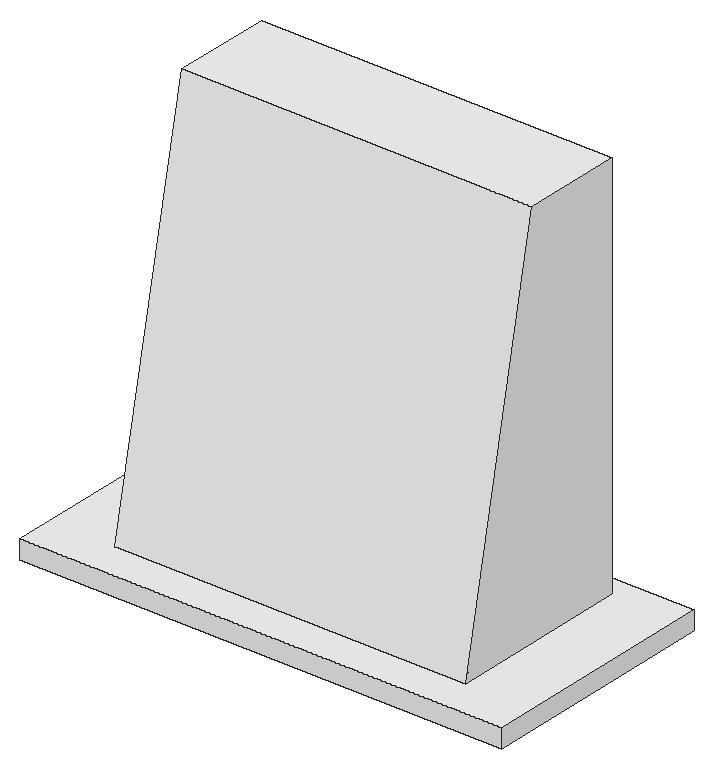
Revit family "NBS_DudleyIndustriesLimited_HandDryers_ModuloHandDryer", category Electrical Fixtures, Revit 2017
Family settings
  Maintain Annotation Orientation = No
  Round Connector Dimension = Use Diameter
  Part Type = Normal
  Work Plane-Based = No
  Always vertical = No
  Cut with Voids When Loaded = No
  Shared = No
  Room Calculation Point = No
Parameters (values of type "ModuloHandDryer")
  Weight = "6.5 kg"
  WarrantyStartDate [instance] = "1900-12-31T23:59:59"
  WarrantyGuarantorParts = "sales@dudleyindustries.com"
  WarrantyGuarantorLabor = "n/a"
  WarrantyDurationUnit = "year"
  WarrantyDurationParts = "n/a"
  WarrantyDurationLabor = "n/a"
  WarrantyDescription = "5 years"
  Version = "1"  # constant formula
  Uniclass2015Version = "Products v1.12"
  Uniclass2015Title = "Hand driers"
  Uniclass2015Code = "Pr_40_70_62_37"
  TagNumber [instance] = "n/a"
  SustainabilityPerformance = "n/a"
  Style = "Hand dryer"
  Status = "UNSET"
  Size = "388 x 330 x 193 mm"
  Shape = "n/a"
  SerialNumber [instance] = "n/a"
  SensorRange = "100 mm"
  Revision = "n/a"
  ReplacementCost = "n/a"
  Reference = "n/a"
  ProductInformation = "n/a"
  PackingCarton = "1 piece"
  Operation = "Automatic start/stop"
  NominalWidth = 0 mm
  NominalLength = 388 mm
  NominalHeight = 330 mm
  NominalDepth = 193 mm
  NoiseLevelAt1M = "71 dBA"
  Name = "HandDryers_ModuloHandDryer_DudleyIndustriesLimited"
  NBSReference = "45-35-72/334"
  NBSDescription = "Hand dryers"
  NBSCertification = "www.nationalbimlibrary.com/cert/weoy1555"
  ModelReference = "Modulo Hand Dryer"
  ModelNumber = "92372BK"
  Material = "Cover and back plate: CR1 CS2 steel, base plate: 1.4509 stainless steel"
  ManufacturerURL = "https://www.dudleyindustries.com/"
  ManufacturerName = "Dudley Industries Limited"  # constant formula
  Manufacturer = "tina.bowden@dudleyindustries.com"
  MainColor = "n/a"
  IsBuiltIn = yes
  InstallationDate [instance] = "1900-12-31T23:59:59"
  IfcExportType = "HANDDRYER"  # constant formula
  IfcExportAs = "IfcElectricApplianceType"  # constant formula
  HasBlankPlate [instance] = no
  HandDryerBodyMaterial = NBS_Concept
  Grade = "n/a"
  Form = "High performance warm air hand dryer"
  Finish = "Matte black powder coated"
  Features = "Fits the modulo behind the mirror system, provides a hygienic, comfortable and fast hand drying solution, produces no waste, no requirement to re-stock, quiet operation at just 71 dBA, simple to install, utilises a full modular cabinet space, blanking plates available separately if required"
  ExpectedLife = "5"
  ElectricalSupplyRatedOperationalVoltageUe = "230 V ac"
  ElectricalSupplyPowerRating = "1.7kW @230 volts"
  ElectricalSupplyFrequency = 0 mm
  DurationUnit = "year"
  Description = "Automatic, energy efficient hand dryer"
  Constituents = "n/a"
  Color = "Black"
  CodePerformance = "CE BS EN 60335-2-23:2003 + A1:2008 (Particular Requirements for Appliances for skin and hair Care) and BS EN60335-1:2002 + A2:2006 (incorporating A1,A11,A12, A13), (Safety of Household and similar electrical appliances), EN55014-1: 2006 + A1: 2009, EN55014-2: 1997 + A1: 2001 + A2:2008, EN61000-3-2: 2006, EN61000-3-3: 2008, RoHS, WEEE"
  Category = "Pr_40_70_62_37:Hand driers"
  BodyIngressProtection = "IP21"
  BarCode [instance] = "n/a"
  BIMObjectName = "NBS_DudleyIndustriesLimited_HandDryers_ModuloHandDryer"
  Author = "NBS"  # constant formula
  AssetType = "Fixed"
  AssetIdentifier [instance] = "n/a"
  AirVolume = "130 m³/h"
  AccessibilityPerformance = "n/a"
Reference planes
  plane 1 "Center (Front/Back)": y = 0
  plane 2 "Bottom": z = 0
  plane 3 "Center (Left/Right)": x = 0
  plane 4 "Left": x = -194
  plane 5 "Right": x = 194
  plane 6 "Back": y = 96.5
  plane 7 "Front": y = -96.5
  plane 8 "BottomPlate": z = 15
  plane 9 "LeftBody": x = -141.2
  plane 10 "RightBody": x = 141.2
  plane 11 "Top": z = 330
  plane 12: y = 80.666
  plane 13: y = 70.215
  plane 14: z = 95.303
  plane 15: z = 295.303
  plane 16 "FrontBody": through (0, 24.656, 445.385) normal (0, -0.9781, 0.2079)
  plane 17: y = 37.035
  plane 18: x = -84
  plane 19: x = 84
  plane 20: y = -29.048
  plane 21: y = 20.5
  plane 22: y = 21
Forms (mm)
  Extrusion 1, solid, material "NBS_Concept" <- "HandDryerBodyMaterial"
    sketch origin (0, 0, 0) x (0, 1, 0) y (0, 0, 1)
      loop
        line (80.666, 330) -> (0.13, 330) -> (-66.825, 15) -> (80.666, 15) -> (80.666, 330)
    from -141.2 to 141.2
  Sweep 2, solid, material "NBS_Concept" <- "HandDryerBodyMaterial", visible <- "HasBlankPlate", detail levels medium+fine
    path origin (0, 0, 0) x (1, 0, 0) y (0, 1, 0)
      loop
        line (-194, 96.5) -> (-194, -96.5) -> (194, -96.5) -> (194, 96.5) -> (-194, 96.5)
    profile origin (0, 96.5, 0) x (0, 1, 0) y (0, 0, 1)
      loop
        line (0, 15) -> (-15.834, 15) -> (-15.834, 0) -> (-1.011, 0)
        arc (-1.011, 0) -> (-0.487, 0.069) -> (0, 0.272) r 2.011
        line (0, 0.272) -> (0, 15)
  Extrusion 3, void
    sketch origin (0, 0, 0) x (1, 0, 0) y (0, 1, 0)
      loop
        arc (-81.477, 37.035) -> (-83.261, 36.296) -> (-84, 34.511) r 2.523
        line (-84, 34.511) -> (-84, -26.588)
        arc (-84, -26.588) -> (-83.28, -28.327) -> (-81.54, -29.048) r 2.46
        line (-81.54, -29.048) -> (81.45, -29.048)
        arc (81.45, -29.048) -> (83.253, -28.301) -> (84, -26.498) r 2.55
        line (84, -26.498) -> (84, 34.52)
        arc (84, 34.52) -> (83.263, 36.298) -> (81.485, 37.035) r 2.515
        line (81.485, 37.035) -> (-81.477, 37.035)
    from 0 to 41.998
  Extrusion 4, solid, material "NBS_Concept" <- "HandDryerBodyMaterial", visible <- "HasBlankPlate", detail levels medium+fine
    sketch origin (0, 0, 0) x (1, 0, 0) y (0, 1, 0)
      loop
        line (-178.166, 80.666) -> (-178.166, -80.666) -> (178.166, -80.666) -> (178.166, 80.666) -> (-178.166, 80.666)
    from 0 to 15
  Extrusion 5, solid, material "NBS_Concept" <- "HandDryerBodyMaterial"
    sketch origin (0, 0, 0) x (1, 0, 0) y (0, 1, 0)
      loop
        line (-194, 96.5) -> (-194, -96.5) -> (194, -96.5) -> (194, 96.5) -> (-194, 96.5)
    from 0 to 15
  Extrusion 6, solid, material "NBS_Concept" <- "HandDryerBodyMaterial", visible <- "HasBlankPlate"
    sketch origin (0, -96.5, 0) x (1, 0, 0) y (0, 0, 1)
      loop
        line (-194, 15) -> (-194, -0.482) -> (194, -0.482) -> (194, 15) -> (-194, 15)
    from -193 to 0
Cuts and joins
  Extrusion 3 cuts Extrusion 1
  Extrusion 3 cuts Extrusion 4
  joined: Sweep 2, Extrusion 4
  Extrusion 3 cuts Extrusion 5
Lines and regions (mm)
  reference lines
    curve 1: line (0, -37.681, 94.954) -> (0, 7.605, 308.006)
  model lines, detail levels medium+fine
    curve 2: line (-141.2, 68.16, 95.303) -> (-141.2, -34.608, 95.303)
    curve 3: line (-141.2, -36.55, 97.702) -> (-141.2, -36.33, 98.738)
    curve 4: line (-141.2, 70.215, 98.213) -> (-141.2, 70.215, 97.358)
    curve 5: line (-141.2, 68.125, 100.303) -> (-141.2, -34.397, 100.303)
    curve 6: arc (-141.2, 70.215, 97.358) -> (-141.2, 69.613, 95.905) -> (-141.2, 68.16, 95.303) r 2.055
    curve 7: arc (-141.2, 68.125, 100.303) -> (-141.2, 69.603, 99.691) -> (-141.2, 70.215, 98.213) r 2.09
    curve 8: arc (-141.2, -34.397, 100.303) -> (-141.2, -35.641, 99.863) -> (-141.2, -36.33, 98.738) r 1.976
    curve 9: arc (-141.2, -34.608, 95.303) -> (-141.2, -36.151, 96.039) -> (-141.2, -36.55, 97.702) r 1.986
    curve 10: line (-141.2, 68.16, 290.303) -> (-141.2, 6.294, 290.303)
    curve 11: line (-141.2, 4.352, 292.702) -> (-141.2, 4.572, 293.738)
    curve 12: line (-141.2, 70.215, 293.213) -> (-141.2, 70.215, 292.358)
    curve 13: line (-141.2, 68.125, 295.303) -> (-141.2, 6.504, 295.303)
    curve 14: arc (-141.2, 70.215, 292.358) -> (-141.2, 69.613, 290.905) -> (-141.2, 68.16, 290.303) r 2.055
    curve 15: arc (-141.2, 68.125, 295.303) -> (-141.2, 69.603, 294.691) -> (-141.2, 70.215, 293.213) r 2.09
    curve 16: arc (-141.2, 6.504, 295.303) -> (-141.2, 5.261, 294.863) -> (-141.2, 4.572, 293.738) r 1.976
    curve 17: arc (-141.2, 6.294, 290.303) -> (-141.2, 4.751, 291.039) -> (-141.2, 4.352, 292.702) r 1.986
    curve 18: line (-141.2, 68.16, 110.303) -> (-141.2, -31.961, 110.303)
    curve 19: line (-141.2, -33.903, 112.702) -> (-141.2, -33.683, 113.738)
    curve 20: line (-141.2, 70.215, 113.213) -> (-141.2, 70.215, 112.358)
    curve 21: line (-141.2, 68.125, 115.303) -> (-141.2, -31.751, 115.303)
    curve 22: arc (-141.2, 70.215, 112.358) -> (-141.2, 69.613, 110.905) -> (-141.2, 68.16, 110.303) r 2.055
    curve 23: arc (-141.2, 68.125, 115.303) -> (-141.2, 69.603, 114.691) -> (-141.2, 70.215, 113.213) r 2.09
    curve 24: arc (-141.2, -31.751, 115.303) -> (-141.2, -32.994, 114.863) -> (-141.2, -33.683, 113.738) r 1.976
    curve 25: arc (-141.2, -31.961, 110.303) -> (-141.2, -33.504, 111.039) -> (-141.2, -33.903, 112.702) r 1.986
    curve 26: line (-141.2, 68.16, 125.303) -> (-141.2, -28.775, 125.303)
    curve 27: line (-141.2, -30.718, 127.702) -> (-141.2, -30.497, 128.738)
    curve 28: line (-141.2, 70.215, 128.213) -> (-141.2, 70.215, 127.358)
    curve 29: line (-141.2, 68.125, 130.303) -> (-141.2, -28.565, 130.303)
    curve 30: arc (-141.2, 70.215, 127.358) -> (-141.2, 69.613, 125.905) -> (-141.2, 68.16, 125.303) r 2.055
    curve 31: arc (-141.2, 68.125, 130.303) -> (-141.2, 69.603, 129.691) -> (-141.2, 70.215, 128.213) r 2.09
    curve 32: arc (-141.2, -28.565, 130.303) -> (-141.2, -29.808, 129.863) -> (-141.2, -30.497, 128.738) r 1.976
    curve 33: arc (-141.2, -28.775, 125.303) -> (-141.2, -30.319, 126.039) -> (-141.2, -30.718, 127.702) r 1.986
    curve 34: line (-141.2, 68.16, 140.303) -> (-141.2, -25.656, 140.303)
    curve 35: line (-141.2, -27.598, 142.702) -> (-141.2, -27.378, 143.738)
    curve 36: line (-141.2, 70.215, 143.213) -> (-141.2, 70.215, 142.358)
    curve 37: line (-141.2, 68.125, 145.303) -> (-141.2, -25.446, 145.303)
    curve 38: arc (-141.2, 70.215, 142.358) -> (-141.2, 69.613, 140.905) -> (-141.2, 68.16, 140.303) r 2.055
    curve 39: arc (-141.2, 68.125, 145.303) -> (-141.2, 69.603, 144.691) -> (-141.2, 70.215, 143.213) r 2.09
    curve 40: arc (-141.2, -25.446, 145.303) -> (-141.2, -26.689, 144.863) -> (-141.2, -27.378, 143.738) r 1.976
    curve 41: arc (-141.2, -25.656, 140.303) -> (-141.2, -27.199, 141.039) -> (-141.2, -27.598, 142.702) r 1.986
    curve 42: line (-141.2, 68.16, 155.303) -> (-141.2, -22.42, 155.303)
    curve 43: line (-141.2, -24.363, 157.702) -> (-141.2, -24.142, 158.738)
    curve 44: line (-141.2, 70.215, 158.213) -> (-141.2, 70.215, 157.358)
    curve 45: line (-141.2, 68.125, 160.303) -> (-141.2, -22.21, 160.303)
    curve 46: arc (-141.2, 70.215, 157.358) -> (-141.2, 69.613, 155.905) -> (-141.2, 68.16, 155.303) r 2.055
    curve 47: arc (-141.2, 68.125, 160.303) -> (-141.2, 69.603, 159.691) -> (-141.2, 70.215, 158.213) r 2.09
    curve 48: arc (-141.2, -22.21, 160.303) -> (-141.2, -23.453, 159.863) -> (-141.2, -24.142, 158.738) r 1.976
    curve 49: arc (-141.2, -22.42, 155.303) -> (-141.2, -23.963, 156.039) -> (-141.2, -24.363, 157.702) r 1.986
    curve 50: line (-141.2, 68.16, 170.303) -> (-141.2, -19.204, 170.303)
    curve 51: line (-141.2, -21.146, 172.743) -> (-141.2, -20.926, 173.78)
    curve 52: line (-141.2, 70.215, 173.213) -> (-141.2, 70.215, 172.358)
    curve 53: line (-141.2, 68.125, 175.303) -> (-141.2, -19.397, 175.303)
    curve 54: arc (-141.2, 70.215, 172.358) -> (-141.2, 69.613, 170.905) -> (-141.2, 68.16, 170.303) r 2.055
    curve 55: arc (-141.2, 68.125, 175.303) -> (-141.2, 69.603, 174.691) -> (-141.2, 70.215, 173.213) r 2.09
    curve 56: arc (-141.2, -19.397, 175.303) -> (-141.2, -20.388, 174.768) -> (-141.2, -20.926, 173.78) r 1.976
    curve 57: arc (-141.2, -19.204, 170.345) -> (-141.2, -20.747, 171.081) -> (-141.2, -21.146, 172.743) r 1.986
    curve 58: line (-141.2, 68.16, 185.303) -> (-141.2, -16.001, 185.303)
    curve 59: line (-141.2, -17.943, 187.702) -> (-141.2, -17.723, 188.738)
    curve 60: line (-141.2, 70.215, 188.213) -> (-141.2, 70.215, 187.358)
    curve 61: line (-141.2, 68.125, 190.303) -> (-141.2, -15.791, 190.303)
    curve 62: arc (-141.2, 70.215, 187.358) -> (-141.2, 69.613, 185.905) -> (-141.2, 68.16, 185.303) r 2.055
    curve 63: arc (-141.2, 68.125, 190.303) -> (-141.2, 69.603, 189.691) -> (-141.2, 70.215, 188.213) r 2.09
    curve 64: arc (-141.2, -15.791, 190.303) -> (-141.2, -17.034, 189.863) -> (-141.2, -17.723, 188.738) r 1.976
    curve 65: arc (-141.2, -16.001, 185.303) -> (-141.2, -17.544, 186.039) -> (-141.2, -17.943, 187.702) r 1.986
    curve 66: line (-141.2, 68.16, 200.303) -> (-141.2, -12.755, 200.303)
    curve 67: line (-141.2, -14.697, 202.767) -> (-141.2, -14.477, 203.804)
    curve 68: line (-141.2, 70.215, 203.213) -> (-141.2, 70.215, 202.358)
    curve 69: line (-141.2, 68.125, 205.303) -> (-141.2, -13.05, 205.303)
    curve 70: arc (-141.2, 70.215, 202.358) -> (-141.2, 69.613, 200.905) -> (-141.2, 68.16, 200.303) r 2.055
    curve 71: arc (-141.2, 68.125, 205.303) -> (-141.2, 69.603, 204.691) -> (-141.2, 70.215, 203.213) r 2.09
    curve 72: arc (-141.2, -13.05, 205.303) -> (-141.2, -13.975, 204.755) -> (-141.2, -14.477, 203.804) r 1.976
    curve 73: arc (-141.2, -12.755, 200.369) -> (-141.2, -14.298, 201.105) -> (-141.2, -14.697, 202.767) r 1.986
    curve 74: line (-141.2, 68.16, 215.303) -> (-141.2, -10.096, 215.303)
    curve 75: line (-141.2, -11.495, 217.626) -> (-141.2, -11.275, 218.662)
    curve 76: line (-141.2, 70.215, 218.213) -> (-141.2, 70.215, 217.358)
    curve 77: line (-141.2, 68.125, 220.303) -> (-141.2, -9.342, 220.303)
    curve 78: arc (-141.2, 70.215, 217.358) -> (-141.2, 69.613, 215.905) -> (-141.2, 68.16, 215.303) r 2.055
    curve 79: arc (-141.2, 68.125, 220.303) -> (-141.2, 69.603, 219.691) -> (-141.2, 70.215, 218.213) r 2.09
    curve 80: arc (-141.2, -9.342, 220.227) -> (-141.2, -10.585, 219.787) -> (-141.2, -11.275, 218.662) r 1.976
    curve 81: arc (-141.2, -10.096, 215.303) -> (-141.2, -11.254, 216.188) -> (-141.2, -11.495, 217.626) r 1.986
    curve 82: line (-141.2, 68.16, 230.303) -> (-141.2, -6.916, 230.303)
    curve 83: line (-141.2, -8.316, 232.626) -> (-141.2, -8.095, 233.662)
    curve 84: line (-141.2, 70.215, 233.213) -> (-141.2, 70.215, 232.358)
    curve 85: line (-141.2, 68.125, 235.303) -> (-141.2, -6.163, 235.303)
    curve 86: arc (-141.2, 70.215, 232.358) -> (-141.2, 69.613, 230.905) -> (-141.2, 68.16, 230.303) r 2.055
    curve 87: arc (-141.2, 68.125, 235.303) -> (-141.2, 69.603, 234.691) -> (-141.2, 70.215, 233.213) r 2.09
    curve 88: arc (-141.2, -6.163, 235.227) -> (-141.2, -7.406, 234.787) -> (-141.2, -8.095, 233.662) r 1.976
    curve 89: arc (-141.2, -6.916, 230.303) -> (-141.2, -8.074, 231.188) -> (-141.2, -8.316, 232.626) r 1.986
    curve 90: line (-141.2, 68.16, 245.303) -> (-141.2, -3.22, 245.303)
    curve 91: line (-141.2, -5.163, 247.704) -> (-141.2, -4.942, 248.74)
    curve 92: line (-141.2, 70.215, 248.213) -> (-141.2, 70.215, 247.358)
    curve 93: line (-141.2, 68.125, 250.303) -> (-141.2, -3.1, 250.303)
    curve 94: arc (-141.2, 70.215, 247.358) -> (-141.2, 69.613, 245.905) -> (-141.2, 68.16, 245.303) r 2.055
    curve 95: arc (-141.2, 68.125, 250.303) -> (-141.2, 69.603, 249.691) -> (-141.2, 70.215, 248.213) r 2.09
    curve 96: arc (-141.2, -3.1, 250.303) -> (-141.2, -4.288, 249.836) -> (-141.2, -4.942, 248.74) r 1.976
    curve 97: arc (-141.2, -3.22, 245.305) -> (-141.2, -4.763, 246.041) -> (-141.2, -5.163, 247.704) r 1.986
    curve 98: line (-141.2, 68.16, 260.303) -> (-141.2, -0.037, 260.303)
    curve 99: line (-141.2, -1.979, 262.702) -> (-141.2, -1.759, 263.738)
    curve 100: line (-141.2, 70.215, 263.213) -> (-141.2, 70.215, 262.358)
    curve 101: line (-141.2, 68.125, 265.303) -> (-141.2, 0.174, 265.303)
    curve 102: arc (-141.2, 70.215, 262.358) -> (-141.2, 69.613, 260.905) -> (-141.2, 68.16, 260.303) r 2.055
    curve 103: arc (-141.2, 68.125, 265.303) -> (-141.2, 69.603, 264.691) -> (-141.2, 70.215, 263.213) r 2.09
    curve 104: arc (-141.2, 0.174, 265.303) -> (-141.2, -1.07, 264.863) -> (-141.2, -1.759, 263.738) r 1.976
    curve 105: arc (-141.2, -0.037, 260.303) -> (-141.2, -1.58, 261.039) -> (-141.2, -1.979, 262.702) r 1.986
    curve 106: line (-141.2, 68.16, 275.303) -> (-141.2, 3.114, 275.303)
    curve 107: line (-141.2, 1.172, 277.702) -> (-141.2, 1.392, 278.738)
    curve 108: line (-141.2, 70.215, 278.213) -> (-141.2, 70.215, 277.358)
    curve 109: line (-141.2, 68.125, 280.303) -> (-141.2, 3.325, 280.303)
    curve 110: arc (-141.2, 70.215, 277.358) -> (-141.2, 69.613, 275.905) -> (-141.2, 68.16, 275.303) r 2.055
    curve 111: arc (-141.2, 68.125, 280.303) -> (-141.2, 69.603, 279.691) -> (-141.2, 70.215, 278.213) r 2.09
    curve 112: arc (-141.2, 3.325, 280.303) -> (-141.2, 2.081, 279.863) -> (-141.2, 1.392, 278.738) r 1.976
    curve 113: arc (-141.2, 3.114, 275.303) -> (-141.2, 1.571, 276.039) -> (-141.2, 1.172, 277.702) r 1.986
    curve 114: line (141.2, 68.16, 95.303) -> (141.2, -34.608, 95.303)
    curve 115: line (141.2, -36.55, 97.702) -> (141.2, -36.33, 98.738)
    curve 116: line (141.2, 70.215, 98.213) -> (141.2, 70.215, 97.358)
    curve 117: line (141.2, 68.125, 100.303) -> (141.2, -34.397, 100.303)
    curve 118: arc (141.2, 70.215, 97.358) -> (141.2, 69.613, 95.905) -> (141.2, 68.16, 95.303) r 2.055
    curve 119: arc (141.2, 68.125, 100.303) -> (141.2, 69.603, 99.691) -> (141.2, 70.215, 98.213) r 2.09
    curve 120: arc (141.2, -34.397, 100.303) -> (141.2, -35.641, 99.863) -> (141.2, -36.33, 98.738) r 1.976
    curve 121: arc (141.2, -34.608, 95.303) -> (141.2, -36.151, 96.039) -> (141.2, -36.55, 97.702) r 1.986
    curve 122: line (141.2, 68.16, 290.303) -> (141.2, 6.294, 290.303)
    curve 123: line (141.2, 4.352, 292.702) -> (141.2, 4.572, 293.738)
    curve 124: line (141.2, 70.215, 293.213) -> (141.2, 70.215, 292.358)
    curve 125: line (141.2, 68.125, 295.303) -> (141.2, 6.504, 295.303)
    curve 126: arc (141.2, 70.215, 292.358) -> (141.2, 69.613, 290.905) -> (141.2, 68.16, 290.303) r 2.055
    curve 127: arc (141.2, 68.125, 295.303) -> (141.2, 69.603, 294.691) -> (141.2, 70.215, 293.213) r 2.09
    curve 128: arc (141.2, 6.504, 295.303) -> (141.2, 5.261, 294.863) -> (141.2, 4.572, 293.738) r 1.976
    curve 129: arc (141.2, 6.294, 290.303) -> (141.2, 4.751, 291.039) -> (141.2, 4.352, 292.702) r 1.986
    curve 130: line (141.2, 68.16, 110.303) -> (141.2, -31.961, 110.303)
    curve 131: line (141.2, -33.903, 112.702) -> (141.2, -33.683, 113.738)
    curve 132: line (141.2, 70.215, 113.213) -> (141.2, 70.215, 112.358)
    curve 133: line (141.2, 68.125, 115.303) -> (141.2, -31.751, 115.303)
    curve 134: arc (141.2, 70.215, 112.358) -> (141.2, 69.613, 110.905) -> (141.2, 68.16, 110.303) r 2.055
    curve 135: arc (141.2, 68.125, 115.303) -> (141.2, 69.603, 114.691) -> (141.2, 70.215, 113.213) r 2.09
    curve 136: arc (141.2, -31.751, 115.303) -> (141.2, -32.994, 114.863) -> (141.2, -33.683, 113.738) r 1.976
    curve 137: arc (141.2, -31.961, 110.303) -> (141.2, -33.504, 111.039) -> (141.2, -33.903, 112.702) r 1.986
    curve 138: line (141.2, 68.16, 125.303) -> (141.2, -28.775, 125.303)
    curve 139: line (141.2, -30.718, 127.702) -> (141.2, -30.497, 128.738)
    curve 140: line (141.2, 70.215, 128.213) -> (141.2, 70.215, 127.358)
    curve 141: line (141.2, 68.125, 130.303) -> (141.2, -28.565, 130.303)
    curve 142: arc (141.2, 70.215, 127.358) -> (141.2, 69.613, 125.905) -> (141.2, 68.16, 125.303) r 2.055
    curve 143: arc (141.2, 68.125, 130.303) -> (141.2, 69.603, 129.691) -> (141.2, 70.215, 128.213) r 2.09
    curve 144: arc (141.2, -28.565, 130.303) -> (141.2, -29.808, 129.863) -> (141.2, -30.497, 128.738) r 1.976
    curve 145: arc (141.2, -28.775, 125.303) -> (141.2, -30.319, 126.039) -> (141.2, -30.718, 127.702) r 1.986
    curve 146: line (141.2, 68.16, 140.303) -> (141.2, -25.656, 140.303)
    curve 147: line (141.2, -27.598, 142.702) -> (141.2, -27.378, 143.738)
    curve 148: line (141.2, 70.215, 143.213) -> (141.2, 70.215, 142.358)
    curve 149: line (141.2, 68.125, 145.303) -> (141.2, -25.446, 145.303)
    curve 150: arc (141.2, 70.215, 142.358) -> (141.2, 69.613, 140.905) -> (141.2, 68.16, 140.303) r 2.055
    curve 151: arc (141.2, 68.125, 145.303) -> (141.2, 69.603, 144.691) -> (141.2, 70.215, 143.213) r 2.09
    curve 152: arc (141.2, -25.446, 145.303) -> (141.2, -26.689, 144.863) -> (141.2, -27.378, 143.738) r 1.976
    curve 153: arc (141.2, -25.656, 140.303) -> (141.2, -27.199, 141.039) -> (141.2, -27.598, 142.702) r 1.986
    curve 154: line (141.2, 68.16, 155.303) -> (141.2, -22.42, 155.303)
    curve 155: line (141.2, -24.363, 157.702) -> (141.2, -24.142, 158.738)
    curve 156: line (141.2, 70.215, 158.213) -> (141.2, 70.215, 157.358)
    curve 157: line (141.2, 68.125, 160.303) -> (141.2, -22.21, 160.303)
    curve 158: arc (141.2, 70.215, 157.358) -> (141.2, 69.613, 155.905) -> (141.2, 68.16, 155.303) r 2.055
    curve 159: arc (141.2, 68.125, 160.303) -> (141.2, 69.603, 159.691) -> (141.2, 70.215, 158.213) r 2.09
    curve 160: arc (141.2, -22.21, 160.303) -> (141.2, -23.453, 159.863) -> (141.2, -24.142, 158.738) r 1.976
    curve 161: arc (141.2, -22.42, 155.303) -> (141.2, -23.963, 156.039) -> (141.2, -24.363, 157.702) r 1.986
    curve 162: line (141.2, 68.16, 170.303) -> (141.2, -19.204, 170.303)
    curve 163: line (141.2, -21.146, 172.743) -> (141.2, -20.926, 173.78)
    curve 164: line (141.2, 70.215, 173.213) -> (141.2, 70.215, 172.358)
    curve 165: line (141.2, 68.125, 175.303) -> (141.2, -19.397, 175.303)
    curve 166: arc (141.2, 70.215, 172.358) -> (141.2, 69.613, 170.905) -> (141.2, 68.16, 170.303) r 2.055
    curve 167: arc (141.2, 68.125, 175.303) -> (141.2, 69.603, 174.691) -> (141.2, 70.215, 173.213) r 2.09
    curve 168: arc (141.2, -19.397, 175.303) -> (141.2, -20.388, 174.768) -> (141.2, -20.926, 173.78) r 1.976
    curve 169: arc (141.2, -19.204, 170.345) -> (141.2, -20.747, 171.081) -> (141.2, -21.146, 172.743) r 1.986
    curve 170: line (141.2, 68.16, 185.303) -> (141.2, -16.001, 185.303)
    curve 171: line (141.2, -17.943, 187.702) -> (141.2, -17.723, 188.738)
    curve 172: line (141.2, 70.215, 188.213) -> (141.2, 70.215, 187.358)
    curve 173: line (141.2, 68.125, 190.303) -> (141.2, -15.791, 190.303)
    curve 174: arc (141.2, 70.215, 187.358) -> (141.2, 69.613, 185.905) -> (141.2, 68.16, 185.303) r 2.055
    curve 175: arc (141.2, 68.125, 190.303) -> (141.2, 69.603, 189.691) -> (141.2, 70.215, 188.213) r 2.09
    curve 176: arc (141.2, -15.791, 190.303) -> (141.2, -17.034, 189.863) -> (141.2, -17.723, 188.738) r 1.976
    curve 177: arc (141.2, -16.001, 185.303) -> (141.2, -17.544, 186.039) -> (141.2, -17.943, 187.702) r 1.986
    curve 178: line (141.2, 68.16, 200.303) -> (141.2, -12.755, 200.303)
    curve 179: line (141.2, -14.697, 202.767) -> (141.2, -14.477, 203.804)
    curve 180: line (141.2, 70.215, 203.213) -> (141.2, 70.215, 202.358)
    curve 181: line (141.2, 68.125, 205.303) -> (141.2, -13.05, 205.303)
    curve 182: arc (141.2, 70.215, 202.358) -> (141.2, 69.613, 200.905) -> (141.2, 68.16, 200.303) r 2.055
    curve 183: arc (141.2, 68.125, 205.303) -> (141.2, 69.603, 204.691) -> (141.2, 70.215, 203.213) r 2.09
    curve 184: arc (141.2, -13.05, 205.303) -> (141.2, -13.975, 204.755) -> (141.2, -14.477, 203.804) r 1.976
    curve 185: arc (141.2, -12.755, 200.369) -> (141.2, -14.298, 201.105) -> (141.2, -14.697, 202.767) r 1.986
    curve 186: line (141.2, 68.16, 215.303) -> (141.2, -10.096, 215.303)
    curve 187: line (141.2, -11.495, 217.626) -> (141.2, -11.275, 218.662)
    curve 188: line (141.2, 70.215, 218.213) -> (141.2, 70.215, 217.358)
    curve 189: line (141.2, 68.125, 220.303) -> (141.2, -9.342, 220.303)
    curve 190: arc (141.2, 70.215, 217.358) -> (141.2, 69.613, 215.905) -> (141.2, 68.16, 215.303) r 2.055
    curve 191: arc (141.2, 68.125, 220.303) -> (141.2, 69.603, 219.691) -> (141.2, 70.215, 218.213) r 2.09
    curve 192: arc (141.2, -9.342, 220.227) -> (141.2, -10.585, 219.787) -> (141.2, -11.275, 218.662) r 1.976
    curve 193: arc (141.2, -10.096, 215.303) -> (141.2, -11.254, 216.188) -> (141.2, -11.495, 217.626) r 1.986
    curve 194: line (141.2, 68.16, 230.303) -> (141.2, -6.916, 230.303)
    curve 195: line (141.2, -8.316, 232.626) -> (141.2, -8.095, 233.662)
    curve 196: line (141.2, 70.215, 233.213) -> (141.2, 70.215, 232.358)
    curve 197: line (141.2, 68.125, 235.303) -> (141.2, -6.163, 235.303)
    curve 198: arc (141.2, 70.215, 232.358) -> (141.2, 69.613, 230.905) -> (141.2, 68.16, 230.303) r 2.055
    curve 199: arc (141.2, 68.125, 235.303) -> (141.2, 69.603, 234.691) -> (141.2, 70.215, 233.213) r 2.09
    curve 200: arc (141.2, -6.163, 235.227) -> (141.2, -7.406, 234.787) -> (141.2, -8.095, 233.662) r 1.976
    curve 201: arc (141.2, -6.916, 230.303) -> (141.2, -8.074, 231.188) -> (141.2, -8.316, 232.626) r 1.986
    curve 202: line (141.2, 68.16, 245.303) -> (141.2, -3.22, 245.303)
    curve 203: line (141.2, -5.163, 247.704) -> (141.2, -4.942, 248.74)
    curve 204: line (141.2, 70.215, 248.213) -> (141.2, 70.215, 247.358)
    curve 205: line (141.2, 68.125, 250.303) -> (141.2, -3.1, 250.303)
    curve 206: arc (141.2, 70.215, 247.358) -> (141.2, 69.613, 245.905) -> (141.2, 68.16, 245.303) r 2.055
    curve 207: arc (141.2, 68.125, 250.303) -> (141.2, 69.603, 249.691) -> (141.2, 70.215, 248.213) r 2.09
    curve 208: arc (141.2, -3.1, 250.303) -> (141.2, -4.288, 249.836) -> (141.2, -4.942, 248.74) r 1.976
    curve 209: arc (141.2, -3.22, 245.305) -> (141.2, -4.763, 246.041) -> (141.2, -5.163, 247.704) r 1.986
    curve 210: line (141.2, 68.16, 260.303) -> (141.2, -0.037, 260.303)
    curve 211: line (141.2, -1.979, 262.702) -> (141.2, -1.759, 263.738)
    curve 212: line (141.2, 70.215, 263.213) -> (141.2, 70.215, 262.358)
    curve 213: line (141.2, 68.125, 265.303) -> (141.2, 0.174, 265.303)
    curve 214: arc (141.2, 70.215, 262.358) -> (141.2, 69.613, 260.905) -> (141.2, 68.16, 260.303) r 2.055
    curve 215: arc (141.2, 68.125, 265.303) -> (141.2, 69.603, 264.691) -> (141.2, 70.215, 263.213) r 2.09
    curve 216: arc (141.2, 0.174, 265.303) -> (141.2, -1.07, 264.863) -> (141.2, -1.759, 263.738) r 1.976
    curve 217: arc (141.2, -0.037, 260.303) -> (141.2, -1.58, 261.039) -> (141.2, -1.979, 262.702) r 1.986
    curve 218: line (141.2, 68.16, 275.303) -> (141.2, 3.114, 275.303)
    curve 219: line (141.2, 1.172, 277.702) -> (141.2, 1.392, 278.738)
    curve 220: line (141.2, 70.215, 278.213) -> (141.2, 70.215, 277.358)
    curve 221: line (141.2, 68.125, 280.303) -> (141.2, 3.325, 280.303)
    curve 222: arc (141.2, 70.215, 277.358) -> (141.2, 69.613, 275.905) -> (141.2, 68.16, 275.303) r 2.055
    curve 223: arc (141.2, 68.125, 280.303) -> (141.2, 69.603, 279.691) -> (141.2, 70.215, 278.213) r 2.09
    curve 224: arc (141.2, 3.325, 280.303) -> (141.2, 2.081, 279.863) -> (141.2, 1.392, 278.738) r 1.976
    curve 225: arc (141.2, 3.114, 275.303) -> (141.2, 1.571, 276.039) -> (141.2, 1.172, 277.702) r 1.986
    curve 226: spline (-129.956, -7.865, 292.389) -> (-129.997, -7.802, 292.683) -> (-129.991, -7.739, 292.979) -> (-129.94, -7.677, 293.272) -> (-129.845, -7.617, 293.554) -> (-129.707, -7.561, 293.819) -> (-129.53, -7.509, 294.063) -> (-129.317, -7.463, 294.278) -> (-129.073, -7.424, 294.462) -> (-128.804, -7.393, 294.608) -> (-128.515, -7.37, 294.716) -> (-128.213, -7.356, 294.781) -> (-127.904, -7.352, 294.803)
    curve 227: spline (-127.946, -8.368, 290.019) -> (-128.249, -8.364, 290.04) -> (-128.546, -8.35, 290.105) -> (-128.829, -8.328, 290.21) -> (-129.093, -8.297, 290.354) -> (-129.332, -8.259, 290.534) -> (-129.541, -8.214, 290.746) -> (-129.714, -8.163, 290.985) -> (-129.849, -8.108, 291.245) -> (-129.942, -8.049, 291.522) -> (-129.992, -7.988, 291.809) -> (-129.996, -7.926, 292.1) -> (-129.956, -7.865, 292.389)
    curve 228: line (-52.08, -8.368, 290.019) -> (-127.946, -8.368, 290.019)
    curve 229: spline (-52.08, -8.368, 290.019) -> (-51.775, -8.364, 290.04) -> (-51.476, -8.35, 290.105) -> (-51.191, -8.328, 290.21) -> (-50.925, -8.297, 290.354) -> (-50.684, -8.259, 290.534) -> (-50.473, -8.214, 290.746) -> (-50.296, -8.163, 290.985) -> (-50.159, -8.108, 291.246) -> (-50.063, -8.048, 291.524) -> (-50.01, -7.987, 291.812) -> (-50.002, -7.925, 292.105) -> (-50.04, -7.863, 292.395)
    curve 230: spline (-50.04, -7.863, 292.395) -> (-50.002, -7.801, 292.69) -> (-50.011, -7.738, 292.986) -> (-50.064, -7.676, 293.278) -> (-50.162, -7.616, 293.56) -> (-50.301, -7.56, 293.824) -> (-50.48, -7.508, 294.067) -> (-50.694, -7.462, 294.281) -> (-50.939, -7.424, 294.464) -> (-51.208, -7.393, 294.61) -> (-51.498, -7.37, 294.716) -> (-51.8, -7.356, 294.781) -> (-52.109, -7.352, 294.803)
    curve 231: line (-52.109, -7.352, 294.803) -> (-127.904, -7.352, 294.803)
    curve 232: line (-52.109, -10.402, 280.451) -> (-127.904, -10.402, 280.451)
    curve 233: spline (-129.956, -10.915, 278.037) -> (-129.997, -10.853, 278.331) -> (-129.991, -10.79, 278.627) -> (-129.94, -10.728, 278.92) -> (-129.845, -10.668, 279.202) -> (-129.707, -10.611, 279.468) -> (-129.53, -10.559, 279.711) -> (-129.317, -10.514, 279.927) -> (-129.073, -10.475, 280.11) -> (-128.804, -10.443, 280.257) -> (-128.515, -10.421, 280.364) -> (-128.213, -10.407, 280.429) -> (-127.904, -10.402, 280.451)
    curve 234: spline (-127.946, -11.419, 275.667) -> (-128.249, -11.414, 275.689) -> (-128.546, -11.401, 275.753) -> (-128.829, -11.378, 275.858) -> (-129.093, -11.348, 276.003) -> (-129.332, -11.309, 276.182) -> (-129.541, -11.264, 276.394) -> (-129.714, -11.214, 276.633) -> (-129.849, -11.158, 276.894) -> (-129.942, -11.099, 277.171) -> (-129.992, -11.038, 277.458) -> (-129.996, -10.977, 277.749) -> (-129.956, -10.915, 278.037)
    curve 235: line (-52.08, -11.419, 275.667) -> (-127.946, -11.419, 275.667)
    curve 236: spline (-52.08, -11.419, 275.667) -> (-51.775, -11.414, 275.689) -> (-51.476, -11.401, 275.753) -> (-51.191, -11.378, 275.858) -> (-50.925, -11.348, 276.002) -> (-50.684, -11.309, 276.182) -> (-50.473, -11.264, 276.394) -> (-50.296, -11.214, 276.633) -> (-50.159, -11.158, 276.895) -> (-50.063, -11.099, 277.173) -> (-50.01, -11.038, 277.461) -> (-50.002, -10.976, 277.753) -> (-50.04, -10.914, 278.044)
    curve 237: spline (-50.04, -10.914, 278.044) -> (-50.002, -10.851, 278.338) -> (-50.011, -10.788, 278.635) -> (-50.064, -10.726, 278.927) -> (-50.162, -10.666, 279.208) -> (-50.301, -10.61, 279.473) -> (-50.48, -10.559, 279.715) -> (-50.694, -10.513, 279.93) -> (-50.939, -10.474, 280.112) -> (-51.208, -10.443, 280.258) -> (-51.498, -10.42, 280.365) -> (-51.8, -10.407, 280.429) -> (-52.109, -10.402, 280.451)
    curve 238: line (-52.109, -13.453, 266.1) -> (-127.904, -13.453, 266.1)
    curve 239: spline (-129.956, -13.966, 263.685) -> (-129.997, -13.903, 263.979) -> (-129.991, -13.84, 264.276) -> (-129.94, -13.778, 264.568) -> (-129.845, -13.718, 264.851) -> (-129.707, -13.662, 265.116) -> (-129.53, -13.61, 265.359) -> (-129.317, -13.564, 265.575) -> (-129.073, -13.525, 265.758) -> (-128.804, -13.494, 265.905) -> (-128.515, -13.471, 266.012) -> (-128.213, -13.457, 266.078) -> (-127.904, -13.453, 266.1)
    curve 240: spline (-127.946, -14.469, 261.316) -> (-128.249, -14.465, 261.337) -> (-128.546, -14.451, 261.401) -> (-128.829, -14.429, 261.507) -> (-129.093, -14.398, 261.651) -> (-129.332, -14.36, 261.831) -> (-129.541, -14.315, 262.043) -> (-129.714, -14.264, 262.281) -> (-129.849, -14.209, 262.542) -> (-129.942, -14.15, 262.819) -> (-129.992, -14.089, 263.106) -> (-129.996, -14.027, 263.397) -> (-129.956, -13.966, 263.685)
    curve 241: line (-52.08, -14.469, 261.316) -> (-127.946, -14.469, 261.316)
    curve 242: spline (-52.08, -14.469, 261.316) -> (-51.775, -14.465, 261.337) -> (-51.476, -14.451, 261.401) -> (-51.191, -14.429, 261.507) -> (-50.925, -14.398, 261.651) -> (-50.684, -14.36, 261.831) -> (-50.473, -14.315, 262.043) -> (-50.296, -14.264, 262.282) -> (-50.159, -14.209, 262.543) -> (-50.063, -14.15, 262.821) -> (-50.01, -14.088, 263.109) -> (-50.002, -14.026, 263.402) -> (-50.04, -13.964, 263.692)
    curve 243: spline (-50.04, -13.964, 263.692) -> (-50.002, -13.902, 263.987) -> (-50.011, -13.839, 264.283) -> (-50.064, -13.777, 264.575) -> (-50.162, -13.717, 264.857) -> (-50.301, -13.661, 265.121) -> (-50.48, -13.609, 265.364) -> (-50.694, -13.563, 265.578) -> (-50.939, -13.525, 265.76) -> (-51.208, -13.494, 265.906) -> (-51.498, -13.471, 266.013) -> (-51.8, -13.457, 266.078) -> (-52.109, -13.453, 266.1)
    curve 244: line (-52.109, -16.503, 251.748) -> (-127.904, -16.503, 251.748)
    curve 245: spline (-129.956, -17.016, 249.334) -> (-129.997, -16.954, 249.628) -> (-129.991, -16.891, 249.924) -> (-129.94, -16.829, 250.217) -> (-129.845, -16.769, 250.499) -> (-129.707, -16.712, 250.765) -> (-129.53, -16.66, 251.008) -> (-129.317, -16.615, 251.224) -> (-129.073, -16.576, 251.407) -> (-128.804, -16.544, 251.554) -> (-128.515, -16.522, 251.661) -> (-128.213, -16.508, 251.726) -> (-127.904, -16.503, 251.748)
    curve 246: spline (-127.946, -17.52, 246.964) -> (-128.249, -17.515, 246.986) -> (-128.546, -17.502, 247.05) -> (-128.829, -17.479, 247.155) -> (-129.093, -17.449, 247.299) -> (-129.332, -17.41, 247.479) -> (-129.541, -17.365, 247.691) -> (-129.714, -17.315, 247.93) -> (-129.849, -17.259, 248.191) -> (-129.942, -17.2, 248.467) -> (-129.992, -17.139, 248.755) -> (-129.996, -17.078, 249.045) -> (-129.956, -17.016, 249.334)
    curve 247: line (-52.08, -17.52, 246.964) -> (-127.946, -17.52, 246.964)
    curve 248: spline (-52.08, -17.52, 246.964) -> (-51.775, -17.515, 246.986) -> (-51.476, -17.502, 247.05) -> (-51.191, -17.479, 247.155) -> (-50.925, -17.449, 247.299) -> (-50.684, -17.41, 247.479) -> (-50.473, -17.365, 247.691) -> (-50.296, -17.315, 247.93) -> (-50.159, -17.259, 248.192) -> (-50.063, -17.2, 248.469) -> (-50.01, -17.139, 248.758) -> (-50.002, -17.077, 249.05) -> (-50.04, -17.015, 249.341)
    curve 249: spline (-50.04, -17.015, 249.341) -> (-50.002, -16.952, 249.635) -> (-50.011, -16.889, 249.931) -> (-50.064, -16.827, 250.224) -> (-50.162, -16.767, 250.505) -> (-50.301, -16.711, 250.77) -> (-50.48, -16.66, 251.012) -> (-50.694, -16.614, 251.226) -> (-50.939, -16.575, 251.409) -> (-51.208, -16.544, 251.555) -> (-51.498, -16.522, 251.661) -> (-51.8, -16.508, 251.726) -> (-52.109, -16.503, 251.748)
    curve 250: line (-52.109, -19.554, 237.396) -> (-127.904, -19.554, 237.396)
    curve 251: spline (-129.956, -20.067, 234.982) -> (-129.997, -20.004, 235.276) -> (-129.991, -19.941, 235.573) -> (-129.94, -19.879, 235.865) -> (-129.845, -19.819, 236.147) -> (-129.707, -19.763, 236.413) -> (-129.53, -19.711, 236.656) -> (-129.317, -19.665, 236.872) -> (-129.073, -19.626, 237.055) -> (-128.804, -19.595, 237.202) -> (-128.515, -19.572, 237.309) -> (-128.213, -19.558, 237.375) -> (-127.904, -19.554, 237.396)
    curve 252: spline (-127.946, -20.57, 232.613) -> (-128.249, -20.566, 232.634) -> (-128.546, -20.552, 232.698) -> (-128.829, -20.53, 232.804) -> (-129.093, -20.499, 232.948) -> (-129.332, -20.461, 233.128) -> (-129.541, -20.416, 233.339) -> (-129.714, -20.365, 233.578) -> (-129.849, -20.31, 233.839) -> (-129.942, -20.251, 234.116) -> (-129.992, -20.19, 234.403) -> (-129.996, -20.128, 234.694) -> (-129.956, -20.067, 234.982)
    curve 253: line (-52.08, -20.57, 232.613) -> (-127.946, -20.57, 232.613)
    curve 254: spline (-52.08, -20.57, 232.613) -> (-51.775, -20.566, 232.634) -> (-51.476, -20.552, 232.698) -> (-51.191, -20.53, 232.803) -> (-50.925, -20.499, 232.948) -> (-50.684, -20.461, 233.128) -> (-50.473, -20.416, 233.339) -> (-50.296, -20.365, 233.579) -> (-50.159, -20.31, 233.84) -> (-50.063, -20.251, 234.118) -> (-50.01, -20.189, 234.406) -> (-50.002, -20.127, 234.699) -> (-50.04, -20.065, 234.989)
    curve 255: spline (-50.04, -20.065, 234.989) -> (-50.002, -20.003, 235.283) -> (-50.011, -19.94, 235.58) -> (-50.064, -19.878, 235.872) -> (-50.162, -19.818, 236.153) -> (-50.301, -19.762, 236.418) -> (-50.48, -19.71, 236.66) -> (-50.694, -19.665, 236.875) -> (-50.939, -19.626, 237.057) -> (-51.208, -19.595, 237.203) -> (-51.498, -19.572, 237.31) -> (-51.8, -19.558, 237.375) -> (-52.109, -19.554, 237.396)
    curve 256: spline (50.044, -7.865, 292.389) -> (50.003, -7.802, 292.683) -> (50.009, -7.739, 292.979) -> (50.06, -7.677, 293.272) -> (50.155, -7.617, 293.554) -> (50.293, -7.561, 293.819) -> (50.47, -7.509, 294.063) -> (50.683, -7.463, 294.278) -> (50.927, -7.424, 294.462) -> (51.196, -7.393, 294.608) -> (51.485, -7.37, 294.716) -> (51.787, -7.356, 294.781) -> (52.096, -7.352, 294.803)
    curve 257: spline (52.054, -8.368, 290.019) -> (51.751, -8.364, 290.04) -> (51.454, -8.35, 290.105) -> (51.171, -8.328, 290.21) -> (50.907, -8.297, 290.354) -> (50.668, -8.259, 290.534) -> (50.459, -8.214, 290.746) -> (50.286, -8.163, 290.985) -> (50.151, -8.108, 291.245) -> (50.058, -8.049, 291.522) -> (50.008, -7.988, 291.809) -> (50.004, -7.926, 292.1) -> (50.044, -7.865, 292.389)
    curve 258: line (127.92, -8.368, 290.019) -> (52.054, -8.368, 290.019)
    curve 259: spline (127.92, -8.368, 290.019) -> (128.225, -8.364, 290.04) -> (128.524, -8.35, 290.105) -> (128.809, -8.328, 290.21) -> (129.075, -8.297, 290.354) -> (129.316, -8.259, 290.534) -> (129.527, -8.214, 290.746) -> (129.704, -8.163, 290.985) -> (129.841, -8.108, 291.246) -> (129.937, -8.048, 291.524) -> (129.99, -7.987, 291.812) -> (129.998, -7.925, 292.105) -> (129.96, -7.863, 292.395)
    curve 260: spline (129.96, -7.863, 292.395) -> (129.998, -7.801, 292.69) -> (129.989, -7.738, 292.986) -> (129.936, -7.676, 293.278) -> (129.838, -7.616, 293.56) -> (129.699, -7.56, 293.824) -> (129.52, -7.508, 294.067) -> (129.306, -7.462, 294.281) -> (129.061, -7.424, 294.464) -> (128.792, -7.393, 294.61) -> (128.502, -7.37, 294.716) -> (128.2, -7.356, 294.781) -> (127.891, -7.352, 294.803)
    curve 261: line (127.891, -7.352, 294.803) -> (52.096, -7.352, 294.803)
    curve 262: line (127.891, -10.402, 280.451) -> (52.096, -10.402, 280.451)
    curve 263: spline (50.044, -10.915, 278.037) -> (50.003, -10.853, 278.331) -> (50.009, -10.79, 278.627) -> (50.06, -10.728, 278.92) -> (50.155, -10.668, 279.202) -> (50.293, -10.611, 279.468) -> (50.47, -10.559, 279.711) -> (50.683, -10.514, 279.927) -> (50.927, -10.475, 280.11) -> (51.196, -10.443, 280.257) -> (51.485, -10.421, 280.364) -> (51.787, -10.407, 280.429) -> (52.096, -10.402, 280.451)
    curve 264: spline (52.054, -11.419, 275.667) -> (51.751, -11.414, 275.689) -> (51.454, -11.401, 275.753) -> (51.171, -11.378, 275.858) -> (50.907, -11.348, 276.003) -> (50.668, -11.309, 276.182) -> (50.459, -11.264, 276.394) -> (50.286, -11.214, 276.633) -> (50.151, -11.158, 276.894) -> (50.058, -11.099, 277.171) -> (50.008, -11.038, 277.458) -> (50.004, -10.977, 277.749) -> (50.044, -10.915, 278.037)
    curve 265: line (127.92, -11.419, 275.667) -> (52.054, -11.419, 275.667)
    curve 266: spline (127.92, -11.419, 275.667) -> (128.225, -11.414, 275.689) -> (128.524, -11.401, 275.753) -> (128.809, -11.378, 275.858) -> (129.075, -11.348, 276.002) -> (129.316, -11.309, 276.182) -> (129.527, -11.264, 276.394) -> (129.704, -11.214, 276.633) -> (129.841, -11.158, 276.895) -> (129.937, -11.099, 277.173) -> (129.99, -11.038, 277.461) -> (129.998, -10.976, 277.753) -> (129.96, -10.914, 278.044)
    curve 267: spline (129.96, -10.914, 278.044) -> (129.998, -10.851, 278.338) -> (129.989, -10.788, 278.635) -> (129.936, -10.726, 278.927) -> (129.838, -10.666, 279.208) -> (129.699, -10.61, 279.473) -> (129.52, -10.559, 279.715) -> (129.306, -10.513, 279.93) -> (129.061, -10.474, 280.112) -> (128.792, -10.443, 280.258) -> (128.502, -10.42, 280.365) -> (128.2, -10.407, 280.429) -> (127.891, -10.402, 280.451)
    curve 268: line (127.891, -13.453, 266.1) -> (52.096, -13.453, 266.1)
    curve 269: spline (50.044, -13.966, 263.685) -> (50.003, -13.903, 263.979) -> (50.009, -13.84, 264.276) -> (50.06, -13.778, 264.568) -> (50.155, -13.718, 264.851) -> (50.293, -13.662, 265.116) -> (50.47, -13.61, 265.359) -> (50.683, -13.564, 265.575) -> (50.927, -13.525, 265.758) -> (51.196, -13.494, 265.905) -> (51.485, -13.471, 266.012) -> (51.787, -13.457, 266.078) -> (52.096, -13.453, 266.1)
    curve 270: spline (52.054, -14.469, 261.316) -> (51.751, -14.465, 261.337) -> (51.454, -14.451, 261.401) -> (51.171, -14.429, 261.507) -> (50.907, -14.398, 261.651) -> (50.668, -14.36, 261.831) -> (50.459, -14.315, 262.043) -> (50.286, -14.264, 262.281) -> (50.151, -14.209, 262.542) -> (50.058, -14.15, 262.819) -> (50.008, -14.089, 263.106) -> (50.004, -14.027, 263.397) -> (50.044, -13.966, 263.685)
    curve 271: line (127.92, -14.469, 261.316) -> (52.054, -14.469, 261.316)
    curve 272: spline (127.92, -14.469, 261.316) -> (128.225, -14.465, 261.337) -> (128.524, -14.451, 261.401) -> (128.809, -14.429, 261.507) -> (129.075, -14.398, 261.651) -> (129.316, -14.36, 261.831) -> (129.527, -14.315, 262.043) -> (129.704, -14.264, 262.282) -> (129.841, -14.209, 262.543) -> (129.937, -14.15, 262.821) -> (129.99, -14.088, 263.109) -> (129.998, -14.026, 263.402) -> (129.96, -13.964, 263.692)
    curve 273: spline (129.96, -13.964, 263.692) -> (129.998, -13.902, 263.987) -> (129.989, -13.839, 264.283) -> (129.936, -13.777, 264.575) -> (129.838, -13.717, 264.857) -> (129.699, -13.661, 265.121) -> (129.52, -13.609, 265.364) -> (129.306, -13.563, 265.578) -> (129.061, -13.525, 265.76) -> (128.792, -13.494, 265.906) -> (128.502, -13.471, 266.013) -> (128.2, -13.457, 266.078) -> (127.891, -13.453, 266.1)
    curve 274: line (127.891, -16.503, 251.748) -> (52.096, -16.503, 251.748)
    curve 275: spline (50.044, -17.016, 249.334) -> (50.003, -16.954, 249.628) -> (50.009, -16.891, 249.924) -> (50.06, -16.829, 250.217) -> (50.155, -16.769, 250.499) -> (50.293, -16.712, 250.765) -> (50.47, -16.66, 251.008) -> (50.683, -16.615, 251.224) -> (50.927, -16.576, 251.407) -> (51.196, -16.544, 251.554) -> (51.485, -16.522, 251.661) -> (51.787, -16.508, 251.726) -> (52.096, -16.503, 251.748)
    curve 276: spline (52.054, -17.52, 246.964) -> (51.751, -17.515, 246.986) -> (51.454, -17.502, 247.05) -> (51.171, -17.479, 247.155) -> (50.907, -17.449, 247.299) -> (50.668, -17.41, 247.479) -> (50.459, -17.365, 247.691) -> (50.286, -17.315, 247.93) -> (50.151, -17.259, 248.191) -> (50.058, -17.2, 248.467) -> (50.008, -17.139, 248.755) -> (50.004, -17.078, 249.045) -> (50.044, -17.016, 249.334)
    curve 277: line (127.92, -17.52, 246.964) -> (52.054, -17.52, 246.964)
    curve 278: spline (127.92, -17.52, 246.964) -> (128.225, -17.515, 246.986) -> (128.524, -17.502, 247.05) -> (128.809, -17.479, 247.155) -> (129.075, -17.449, 247.299) -> (129.316, -17.41, 247.479) -> (129.527, -17.365, 247.691) -> (129.704, -17.315, 247.93) -> (129.841, -17.259, 248.192) -> (129.937, -17.2, 248.469) -> (129.99, -17.139, 248.758) -> (129.998, -17.077, 249.05) -> (129.96, -17.015, 249.341)
    curve 279: spline (129.96, -17.015, 249.341) -> (129.998, -16.952, 249.635) -> (129.989, -16.889, 249.931) -> (129.936, -16.827, 250.224) -> (129.838, -16.767, 250.505) -> (129.699, -16.711, 250.77) -> (129.52, -16.66, 251.012) -> (129.306, -16.614, 251.226) -> (129.061, -16.575, 251.409) -> (128.792, -16.544, 251.555) -> (128.502, -16.522, 251.661) -> (128.2, -16.508, 251.726) -> (127.891, -16.503, 251.748)
    curve 280: line (127.891, -19.554, 237.396) -> (52.096, -19.554, 237.396)
    curve 281: spline (50.044, -20.067, 234.982) -> (50.003, -20.004, 235.276) -> (50.009, -19.941, 235.573) -> (50.06, -19.879, 235.865) -> (50.155, -19.819, 236.147) -> (50.293, -19.763, 236.413) -> (50.47, -19.711, 236.656) -> (50.683, -19.665, 236.872) -> (50.927, -19.626, 237.055) -> (51.196, -19.595, 237.202) -> (51.485, -19.572, 237.309) -> (51.787, -19.558, 237.375) -> (52.096, -19.554, 237.396)
    curve 282: spline (52.054, -20.57, 232.613) -> (51.751, -20.566, 232.634) -> (51.454, -20.552, 232.698) -> (51.171, -20.53, 232.804) -> (50.907, -20.499, 232.948) -> (50.668, -20.461, 233.128) -> (50.459, -20.416, 233.339) -> (50.286, -20.365, 233.578) -> (50.151, -20.31, 233.839) -> (50.058, -20.251, 234.116) -> (50.008, -20.19, 234.403) -> (50.004, -20.128, 234.694) -> (50.044, -20.067, 234.982)
    curve 283: line (127.92, -20.57, 232.613) -> (52.054, -20.57, 232.613)
    curve 284: spline (127.92, -20.57, 232.613) -> (128.225, -20.566, 232.634) -> (128.524, -20.552, 232.698) -> (128.809, -20.53, 232.803) -> (129.075, -20.499, 232.948) -> (129.316, -20.461, 233.128) -> (129.527, -20.416, 233.339) -> (129.704, -20.365, 233.579) -> (129.841, -20.31, 233.84) -> (129.937, -20.251, 234.118) -> (129.99, -20.189, 234.406) -> (129.998, -20.127, 234.699) -> (129.96, -20.065, 234.989)
    curve 285: spline (129.96, -20.065, 234.989) -> (129.998, -20.003, 235.283) -> (129.989, -19.94, 235.58) -> (129.936, -19.878, 235.872) -> (129.838, -19.818, 236.153) -> (129.699, -19.762, 236.418) -> (129.52, -19.71, 236.66) -> (129.306, -19.665, 236.875) -> (129.061, -19.626, 237.057) -> (128.792, -19.595, 237.203) -> (128.502, -19.572, 237.31) -> (128.2, -19.558, 237.375) -> (127.891, -19.554, 237.396)
    curve 286: spline (-39.956, -7.865, 292.389) -> (-39.997, -7.802, 292.683) -> (-39.991, -7.739, 292.979) -> (-39.94, -7.677, 293.272) -> (-39.845, -7.617, 293.554) -> (-39.707, -7.561, 293.819) -> (-39.53, -7.509, 294.063) -> (-39.317, -7.463, 294.278) -> (-39.073, -7.424, 294.462) -> (-38.804, -7.393, 294.608) -> (-38.515, -7.37, 294.716) -> (-38.213, -7.356, 294.781) -> (-37.904, -7.352, 294.803)
    curve 287: spline (-37.946, -8.368, 290.019) -> (-38.249, -8.364, 290.04) -> (-38.546, -8.35, 290.105) -> (-38.829, -8.328, 290.21) -> (-39.093, -8.297, 290.354) -> (-39.332, -8.259, 290.534) -> (-39.541, -8.214, 290.746) -> (-39.714, -8.163, 290.985) -> (-39.849, -8.108, 291.245) -> (-39.942, -8.049, 291.522) -> (-39.992, -7.988, 291.809) -> (-39.996, -7.926, 292.1) -> (-39.956, -7.865, 292.389)
    curve 288: line (37.92, -8.368, 290.019) -> (-37.946, -8.368, 290.019)
    curve 289: spline (37.92, -8.368, 290.019) -> (38.225, -8.364, 290.04) -> (38.524, -8.35, 290.105) -> (38.809, -8.328, 290.21) -> (39.075, -8.297, 290.354) -> (39.316, -8.259, 290.534) -> (39.527, -8.214, 290.746) -> (39.704, -8.163, 290.985) -> (39.841, -8.108, 291.246) -> (39.937, -8.048, 291.524) -> (39.99, -7.987, 291.812) -> (39.998, -7.925, 292.105) -> (39.96, -7.863, 292.395)
    curve 290: spline (39.96, -7.863, 292.395) -> (39.998, -7.801, 292.69) -> (39.989, -7.738, 292.986) -> (39.936, -7.676, 293.278) -> (39.838, -7.616, 293.56) -> (39.699, -7.56, 293.824) -> (39.52, -7.508, 294.067) -> (39.306, -7.462, 294.281) -> (39.061, -7.424, 294.464) -> (38.792, -7.393, 294.61) -> (38.502, -7.37, 294.716) -> (38.2, -7.356, 294.781) -> (37.891, -7.352, 294.803)
    curve 291: line (37.891, -7.352, 294.803) -> (-37.904, -7.352, 294.803)
    curve 292: line (37.891, -10.402, 280.451) -> (-37.904, -10.402, 280.451)
    curve 293: spline (-39.956, -10.915, 278.037) -> (-39.997, -10.853, 278.331) -> (-39.991, -10.79, 278.627) -> (-39.94, -10.728, 278.92) -> (-39.845, -10.668, 279.202) -> (-39.707, -10.611, 279.468) -> (-39.53, -10.559, 279.711) -> (-39.317, -10.514, 279.927) -> (-39.073, -10.475, 280.11) -> (-38.804, -10.443, 280.257) -> (-38.515, -10.421, 280.364) -> (-38.213, -10.407, 280.429) -> (-37.904, -10.402, 280.451)
    curve 294: spline (-37.946, -11.419, 275.667) -> (-38.249, -11.414, 275.689) -> (-38.546, -11.401, 275.753) -> (-38.829, -11.378, 275.858) -> (-39.093, -11.348, 276.003) -> (-39.332, -11.309, 276.182) -> (-39.541, -11.264, 276.394) -> (-39.714, -11.214, 276.633) -> (-39.849, -11.158, 276.894) -> (-39.942, -11.099, 277.171) -> (-39.992, -11.038, 277.458) -> (-39.996, -10.977, 277.749) -> (-39.956, -10.915, 278.037)
    curve 295: line (37.92, -11.419, 275.667) -> (-37.946, -11.419, 275.667)
    curve 296: spline (37.92, -11.419, 275.667) -> (38.225, -11.414, 275.689) -> (38.524, -11.401, 275.753) -> (38.809, -11.378, 275.858) -> (39.075, -11.348, 276.002) -> (39.316, -11.309, 276.182) -> (39.527, -11.264, 276.394) -> (39.704, -11.214, 276.633) -> (39.841, -11.158, 276.895) -> (39.937, -11.099, 277.173) -> (39.99, -11.038, 277.461) -> (39.998, -10.976, 277.753) -> (39.96, -10.914, 278.044)
    curve 297: spline (39.96, -10.914, 278.044) -> (39.998, -10.851, 278.338) -> (39.989, -10.788, 278.635) -> (39.936, -10.726, 278.927) -> (39.838, -10.666, 279.208) -> (39.699, -10.61, 279.473) -> (39.52, -10.559, 279.715) -> (39.306, -10.513, 279.93) -> (39.061, -10.474, 280.112) -> (38.792, -10.443, 280.258) -> (38.502, -10.42, 280.365) -> (38.2, -10.407, 280.429) -> (37.891, -10.402, 280.451)
    curve 298: line (37.891, -13.453, 266.1) -> (-37.904, -13.453, 266.1)
    curve 299: spline (-39.956, -13.966, 263.685) -> (-39.997, -13.903, 263.979) -> (-39.991, -13.84, 264.276) -> (-39.94, -13.778, 264.568) -> (-39.845, -13.718, 264.851) -> (-39.707, -13.662, 265.116) -> (-39.53, -13.61, 265.359) -> (-39.317, -13.564, 265.575) -> (-39.073, -13.525, 265.758) -> (-38.804, -13.494, 265.905) -> (-38.515, -13.471, 266.012) -> (-38.213, -13.457, 266.078) -> (-37.904, -13.453, 266.1)
    curve 300: spline (-37.946, -14.469, 261.316) -> (-38.249, -14.465, 261.337) -> (-38.546, -14.451, 261.401) -> (-38.829, -14.429, 261.507) -> (-39.093, -14.398, 261.651) -> (-39.332, -14.36, 261.831) -> (-39.541, -14.315, 262.043) -> (-39.714, -14.264, 262.281) -> (-39.849, -14.209, 262.542) -> (-39.942, -14.15, 262.819) -> (-39.992, -14.089, 263.106) -> (-39.996, -14.027, 263.397) -> (-39.956, -13.966, 263.685)
    curve 301: line (37.92, -14.469, 261.316) -> (-37.946, -14.469, 261.316)
    curve 302: spline (37.92, -14.469, 261.316) -> (38.225, -14.465, 261.337) -> (38.524, -14.451, 261.401) -> (38.809, -14.429, 261.507) -> (39.075, -14.398, 261.651) -> (39.316, -14.36, 261.831) -> (39.527, -14.315, 262.043) -> (39.704, -14.264, 262.282) -> (39.841, -14.209, 262.543) -> (39.937, -14.15, 262.821) -> (39.99, -14.088, 263.109) -> (39.998, -14.026, 263.402) -> (39.96, -13.964, 263.692)
    curve 303: spline (39.96, -13.964, 263.692) -> (39.998, -13.902, 263.987) -> (39.989, -13.839, 264.283) -> (39.936, -13.777, 264.575) -> (39.838, -13.717, 264.857) -> (39.699, -13.661, 265.121) -> (39.52, -13.609, 265.364) -> (39.306, -13.563, 265.578) -> (39.061, -13.525, 265.76) -> (38.792, -13.494, 265.906) -> (38.502, -13.471, 266.013) -> (38.2, -13.457, 266.078) -> (37.891, -13.453, 266.1)
    curve 304: line (37.891, -16.503, 251.748) -> (-37.904, -16.503, 251.748)
    curve 305: spline (-39.956, -17.016, 249.334) -> (-39.997, -16.954, 249.628) -> (-39.991, -16.891, 249.924) -> (-39.94, -16.829, 250.217) -> (-39.845, -16.769, 250.499) -> (-39.707, -16.712, 250.765) -> (-39.53, -16.66, 251.008) -> (-39.317, -16.615, 251.224) -> (-39.073, -16.576, 251.407) -> (-38.804, -16.544, 251.554) -> (-38.515, -16.522, 251.661) -> (-38.213, -16.508, 251.726) -> (-37.904, -16.503, 251.748)
    curve 306: spline (-37.946, -17.52, 246.964) -> (-38.249, -17.515, 246.986) -> (-38.546, -17.502, 247.05) -> (-38.829, -17.479, 247.155) -> (-39.093, -17.449, 247.299) -> (-39.332, -17.41, 247.479) -> (-39.541, -17.365, 247.691) -> (-39.714, -17.315, 247.93) -> (-39.849, -17.259, 248.191) -> (-39.942, -17.2, 248.467) -> (-39.992, -17.139, 248.755) -> (-39.996, -17.078, 249.045) -> (-39.956, -17.016, 249.334)
    curve 307: line (37.92, -17.52, 246.964) -> (-37.946, -17.52, 246.964)
    curve 308: spline (37.92, -17.52, 246.964) -> (38.225, -17.515, 246.986) -> (38.524, -17.502, 247.05) -> (38.809, -17.479, 247.155) -> (39.075, -17.449, 247.299) -> (39.316, -17.41, 247.479) -> (39.527, -17.365, 247.691) -> (39.704, -17.315, 247.93) -> (39.841, -17.259, 248.192) -> (39.937, -17.2, 248.469) -> (39.99, -17.139, 248.758) -> (39.998, -17.077, 249.05) -> (39.96, -17.015, 249.341)
    curve 309: spline (39.96, -17.015, 249.341) -> (39.998, -16.952, 249.635) -> (39.989, -16.889, 249.931) -> (39.936, -16.827, 250.224) -> (39.838, -16.767, 250.505) -> (39.699, -16.711, 250.77) -> (39.52, -16.66, 251.012) -> (39.306, -16.614, 251.226) -> (39.061, -16.575, 251.409) -> (38.792, -16.544, 251.555) -> (38.502, -16.522, 251.661) -> (38.2, -16.508, 251.726) -> (37.891, -16.503, 251.748)
    curve 310: line (37.891, -19.554, 237.396) -> (-37.904, -19.554, 237.396)
    curve 311: spline (-39.956, -20.067, 234.982) -> (-39.997, -20.004, 235.276) -> (-39.991, -19.941, 235.573) -> (-39.94, -19.879, 235.865) -> (-39.845, -19.819, 236.147) -> (-39.707, -19.763, 236.413) -> (-39.53, -19.711, 236.656) -> (-39.317, -19.665, 236.872) -> (-39.073, -19.626, 237.055) -> (-38.804, -19.595, 237.202) -> (-38.515, -19.572, 237.309) -> (-38.213, -19.558, 237.375) -> (-37.904, -19.554, 237.396)
    curve 312: spline (-37.946, -20.57, 232.613) -> (-38.249, -20.566, 232.634) -> (-38.546, -20.552, 232.698) -> (-38.829, -20.53, 232.804) -> (-39.093, -20.499, 232.948) -> (-39.332, -20.461, 233.128) -> (-39.541, -20.416, 233.339) -> (-39.714, -20.365, 233.578) -> (-39.849, -20.31, 233.839) -> (-39.942, -20.251, 234.116) -> (-39.992, -20.19, 234.403) -> (-39.996, -20.128, 234.694) -> (-39.956, -20.067, 234.982)
    curve 313: line (37.92, -20.57, 232.613) -> (-37.946, -20.57, 232.613)
    curve 314: spline (37.92, -20.57, 232.613) -> (38.225, -20.566, 232.634) -> (38.524, -20.552, 232.698) -> (38.809, -20.53, 232.803) -> (39.075, -20.499, 232.948) -> (39.316, -20.461, 233.128) -> (39.527, -20.416, 233.339) -> (39.704, -20.365, 233.579) -> (39.841, -20.31, 233.84) -> (39.937, -20.251, 234.118) -> (39.99, -20.189, 234.406) -> (39.998, -20.127, 234.699) -> (39.96, -20.065, 234.989)
    curve 315: spline (39.96, -20.065, 234.989) -> (39.998, -20.003, 235.283) -> (39.989, -19.94, 235.58) -> (39.936, -19.878, 235.872) -> (39.838, -19.818, 236.153) -> (39.699, -19.762, 236.418) -> (39.52, -19.71, 236.66) -> (39.306, -19.665, 236.875) -> (39.061, -19.626, 237.057) -> (38.792, -19.595, 237.203) -> (38.502, -19.572, 237.31) -> (38.2, -19.558, 237.375) -> (37.891, -19.554, 237.396)
Dimensions and locks
  locked: plane 9 "LeftBody" to plane 4 "Left" at 52.8
  locked: plane 10 "RightBody" to plane 5 "Right" at 52.8
  plane 9 "LeftBody" to plane 10 "RightBody" = 282.4 mm
